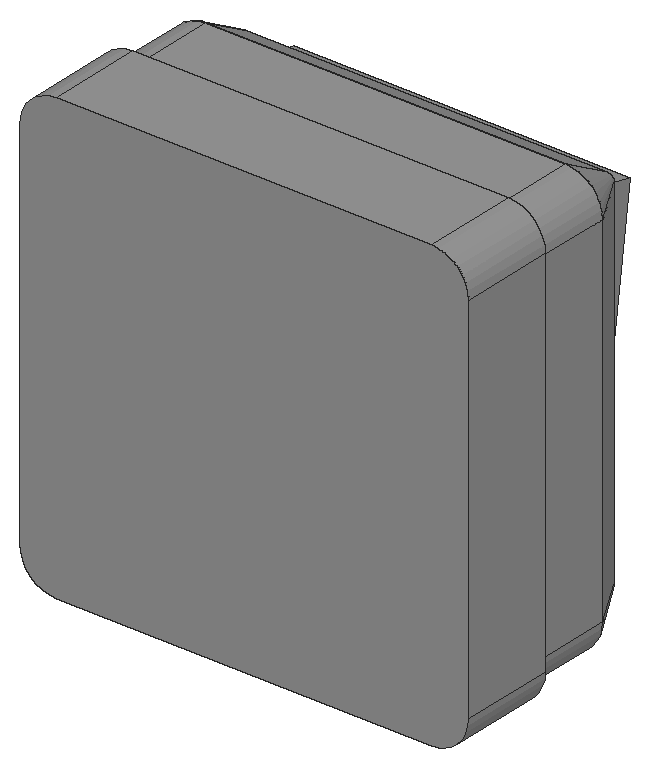
Revit family "IEK_Выключатель_ОткрытойУстановки_10А одноклавишный IP20_ОКТАВА", category Выключатели, Revit 2019
Family settings
  Сохранять ориентацию аннотаций = Да
  Размер круглого соединителя = Использовать диаметр
  Тип детали = Переключатель
  На основе рабочей плоскости = Нет
  Всегда вертикально = Да
  При загрузке вырезать с полостями = Нет
  Общий = Нет
  Точка расчета площади = Нет
Parameters (values of type "ВС20-1-0-ОБ")
  Ширина = 61 mm  # constant formula
  Тип монтажа = "Поверхность монтажа (открытая установка)"  # constant formula
  Степень защиты = "IP20"  # constant formula
  Изготовитель = "IEK"  # constant formula
  Дата изменения = ""
  Глубина = 37 mm  # constant formula
  Высота = 61 mm  # constant formula
  ΔХ [instance] = 2000 mm
  ΔY [instance] = 2000 mm
  KSI_CPr_Строительные изделия = "20.4.01"  # constant formula
  KSI_CMa_Строительные материалы = "01.7.14.03"  # constant formula
  IEK_Цена за единицу = 88.8
  IEK_Поиск в таблице имен = ""
  IEK_Описание = "Универсальный дизайн серии открытой установки \"ОКТАВА\" позволяет устанавливать изделия в квартирах, загородных домах, офисных и производственных помещениях."
  IEK_URL = "https://www.iek.ru/products/catalog/izdeliya_elektroustanovochnye_udliniteli_i_silovye_razemy/elektroustanovochnye_izdeliya/elektroustanovochnye_izdeliya_otkrytogo_montazha_ip20/elektroustanovochnye_izdeliya_oktava/elektroustanovochnye_izdeliya_oktava_tsvet_belyy/vyklyuchatel_1_klavishnyy_dlya_otkrytoy_ustanovki_vs20_1_0_ob_10a_oktava_belyy_iek"
  ADSK_Ток [instance] = 10 A  # constant formula
  ADSK_Примечание = ""
  ADSK_Полная мощность [instance] = ADSK_Номинальная мощность / ADSK_Коэффициент мощности  # 2200 VA
  ADSK_Позиция [instance] = ""
  ADSK_Номинальная мощность [instance] = ADSK_Ток * ADSK_Напряжение * sqrt(ADSK_Количество фаз числовое) * ADSK_Коэффициент мощности  # 2200 W
  ADSK_Напряжение = 220 V
  ADSK_Наименование = "Выключатель 1-клавишный для открытой установки ВС20-1-0-ОБ 10А ОКТАВА белый IEK"
  ADSK_Материал обозначение = ""
  ADSK_Материал наименование = "Пластик"  # constant formula
  ADSK_Материал = Цвет белый
  ADSK_Масса = 0.054  # constant formula
  ADSK_Марка = "ОКТАВА"  # constant formula
  ADSK_Коэффициент мощности [instance] = 1  # constant formula
  ADSK_Количество фаз числовое = 1
  ADSK_Количество фаз = 1
  ADSK_Код изделия = "EVO10-K01-10-DC"
  ADSK_Классификация нагрузок [instance] = Прочее
  ADSK_Завод-изготовитель = "IEK"  # constant formula
  ADSK_Единица измерения = "шт"  # constant formula
  ADSK_Группирование = "III ЭЛЕКТРОУСТАНОВОЧНЫЕ И ЭЛЕКТРОМОНТАЖНЫЕ ИЗДЕЛИЯ"  # constant formula
  ADSK_Версия семейства = "1.0"  # constant formula
  ADSK_Версия Revit = "2019"  # constant formula
  ADSK_URL страницы изделия = "https://www.iek.ru/products/catalog/izdeliya_elektroustanovochnye_udliniteli_i_silovye_razemy/elektroustanovochnye_izdeliya/elektroustanovochnye_izdeliya_otkrytogo_montazha_ip20/elektroustanovochnye_izdeliya_oktava/?pagec=10"
Types (3, lengths in mm): name | IEK_Цена за единицу | IEK_URL | ADSK_Наименование | ADSK_Материал | ADSK_Код изделия
  (no name) | 88.8 | "https://www.iek.ru/products/catalog/izdeliya_elektroustanovochnye_udliniteli_i_silovye_razemy/elektroustanovochnye_izdeliya/elektroustanovochnye_izdeliya_otkrytogo_montazha_ip20/elektroustanovochnye_izdeliya_oktava/elektroustanovochnye_izdeliya_oktava_tsvet_belyy/vyklyuchatel_1_klavishnyy_dlya_otkrytoy_ustanovki_vs20_1_0_ob_10a_oktava_belyy_iek" | "Выключатель 1-клавишный для открытой установки ВС20-1-0-ОБ 10А ОКТАВА белый IEK" | Цвет белый | "EVO10-K01-10-DC"
  ВС20-1-0-ОД | 161.86 | "https://www.iek.ru/products/catalog/izdeliya_elektroustanovochnye_udliniteli_i_silovye_razemy/elektroustanovochnye_izdeliya/elektroustanovochnye_izdeliya_otkrytogo_montazha_ip20/elektroustanovochnye_izdeliya_oktava/elektroustanovochnye_izdeliya_oktava_tsvet_dub/vyklyuchatel_1_klavishnyy_dlya_otkrytoy_ustanovki_vs20_1_0_od_10a_oktava_dub_iek" | "Выключатель 1-клавишный для открытой установки ВС20-1-0-ОД 10А ОКТАВА дуб IEK" | Цвет дуб | "EVO10-K04-10-DC"
  ВС20-1-0-ОБ | 88.8 | "https://www.iek.ru/products/catalog/izdeliya_elektroustanovochnye_udliniteli_i_silovye_razemy/elektroustanovochnye_izdeliya/elektroustanovochnye_izdeliya_otkrytogo_montazha_ip20/elektroustanovochnye_izdeliya_oktava/elektroustanovochnye_izdeliya_oktava_tsvet_belyy/vyklyuchatel_1_klavishnyy_dlya_otkrytoy_ustanovki_vs20_1_0_ob_10a_oktava_belyy_iek" | "Выключатель 1-клавишный для открытой установки ВС20-1-0-ОБ 10А ОКТАВА белый IEK" | Цвет белый | "EVO10-K01-10-DC"
Reference planes
  plane 1 "По центру (Вперед/Назад)": y = 0
  plane 2: z = 0
  plane 3 "По центру (Влево/Вправо)": x = 0
  plane 4 "Высота ножек": z = 280
  plane 5 "Высота": z = 2081.496
  plane 6: x = -2000
  plane 7: y = 2000
Forms (mm)
  Extrusion 1, solid, detail levels coarse
    sketch origin (0, 24, 0) x (1, 0, 0) y (0, 1, 0)
      loop
        line (-30.5, -24) -> (30.5, -24) -> (30.5, 13) -> (-30.5, 13) -> (-30.5, -24)
    from 0 to 61
  Extrusion 2, solid, detail levels medium
    sketch origin (0, 24, 0) x (1, 0, 0) y (0, 1, 0)
      loop
        line (-30.5, 13) -> (-30.5, -24) -> (30.5, -24) -> (30.5, 13) -> (-30.5, 13)
    from 0 to 61
  Extrusion 3, solid, material "Цвет белый" <- "ADSK_Материал", detail levels fine
    sketch origin (0, 0, 30.5) x (1, 0, 0) y (0, 0, -1)
      loop
        line (-30.5, 25.5) -> (-30.5, -25.5)
        arc (-30.5, -25.5) -> (-29.036, -29.036) -> (-25.5, -30.5) r 5
        line (-25.5, -30.5) -> (25.5, -30.5)
        arc (25.5, -30.5) -> (29.036, -29.036) -> (30.5, -25.5) r 5
        line (30.5, -25.5) -> (30.5, 25.5)
        arc (30.5, 25.5) -> (29.036, 29.036) -> (25.5, 30.5) r 5
        line (25.5, 30.5) -> (-25.5, 30.5)
        arc (-25.5, 30.5) -> (-29.036, 29.036) -> (-30.5, 25.5) r 5
    from 0 to 13
  Extrusion 4, solid, material "Цвет белый" <- "ADSK_Материал", detail levels fine
    sketch origin (0, 0, 30.5) x (1, 0, 0) y (0, 0, -1)
      loop
        line (-29.5, 24.462) -> (-29.5, -24.462)
        arc (-29.5, -24.462) -> (-28.024, -28.024) -> (-24.462, -29.5) r 5.038
        line (-24.462, -29.5) -> (24.505, -29.5)
        arc (24.505, -29.5) -> (28.037, -28.037) -> (29.5, -24.505) r 4.995
        line (29.5, -24.505) -> (29.5, 24.505)
        arc (29.5, 24.505) -> (28.037, 28.037) -> (24.505, 29.5) r 4.995
        line (24.505, 29.5) -> (-24.462, 29.5)
        arc (-24.462, 29.5) -> (-28.024, 28.024) -> (-29.5, 24.462) r 5.038
    from 13 to 24
  Blend 5, solid, material "Цвет белый" <- "ADSK_Материал", detail levels fine
    base sketch origin (0, 0, 30.5) x (1, 0, 0) y (0, 0, -1)
      loop
        line (-29.5, 24.462) -> (-29.5, -24.462)
        arc (-29.5, -24.462) -> (-28.024, -28.024) -> (-24.462, -29.5) r 5.038
        line (-24.462, -29.5) -> (24.505, -29.5)
        arc (24.505, -29.5) -> (28.037, -28.037) -> (29.5, -24.505) r 4.995
        line (29.5, -24.505) -> (29.5, 24.505)
        arc (29.5, 24.505) -> (28.037, 28.037) -> (24.505, 29.5) r 4.995
        line (24.505, 29.5) -> (-24.462, 29.5)
        arc (-24.462, 29.5) -> (-28.024, 28.024) -> (-29.5, 24.462) r 5.038
    top sketch origin (0, 0, 30.5) x (1, 0, 0) y (0, 0, -1)
      loop
        line (-25.459, 24.5) -> (-25.459, -24.5)
        arc (-25.459, -24.5) -> (-25.178, -25.178) -> (-24.5, -25.459) r 0.959
        line (-24.5, -25.459) -> (24.5, -25.459)
        arc (24.5, -25.459) -> (25.178, -25.178) -> (25.459, -24.5) r 0.959
        line (25.459, -24.5) -> (25.459, 24.5)
        arc (25.459, 24.5) -> (25.178, 25.178) -> (24.5, 25.459) r 0.959
        line (24.5, 25.459) -> (-24.5, 25.459)
        arc (-24.5, 25.459) -> (-25.178, 25.178) -> (-25.459, 24.5) r 0.959
    from 24 to 31
  Extrusion 6, void
    sketch origin (0, 0, 30.5) x (1, 0, 0) y (0, 0, -1)
      loop
        arc (-23.459, -21.459) -> (-22.873, -22.873) -> (-21.459, -23.459) r 2
        line (-21.459, -23.459) -> (21.459, -23.459)
        arc (21.459, -23.459) -> (22.873, -22.873) -> (23.459, -21.459) r 2
        line (23.459, -21.459) -> (23.459, 21.459)
        arc (23.459, 21.459) -> (22.873, 22.873) -> (21.459, 23.459) r 2
        line (21.459, 23.459) -> (-21.459, 23.459)
        arc (-21.459, 23.459) -> (-22.873, 22.873) -> (-23.459, 21.459) r 2
        line (-23.459, 21.459) -> (-23.459, -21.459)
    from 30.5 to 31
  Extrusion 7, solid, material "Цвет белый" <- "ADSK_Материал", detail levels fine
    sketch origin (0, 0, 30.5) x (0, 0, -1) y (0, 1, 0)
      loop
        line (-23, 30.5) -> (23, 30.5) -> (-21.529, 37) -> (-23, 30.5)
    from -22.8 to 22.8
Cuts and joins
  Extrusion 6 cuts Blend 5
Lines and regions (mm)
  reference lines
    curve 1: line (0, 44.647, 0) -> (0, -55.353, 0)
    curve 2: line (-23.829, 0, 0) -> (76.171, 0, 0)
Dimensions and locks
  locked: plane 4 "Высота ножек" to plane 2 at 280
  plane 5 "Высота" to plane 4 "Высота ножек" = 1801.496 mm
  "ΔХ": plane 6 to curve 1
  "ΔY": plane 7 to curve 2
  aligned and locked: level to plane 2
  aligned and locked: curve 2 to nested 1
  aligned and locked: nested 1 to curve 1
  aligned and locked: Blend 5 to Extrusion 4
Automatic sketch dimensions
  Extrusion 1 sketch curve to plane 1 "По центру (Вперед/Назад)" = 37 mm
  Extrusion 1 sketch curve to plane 3 "По центру (Влево/Вправо)" = 30.5 mm
  plane 3 "По центру (Влево/Вправо)" to Extrusion 1 sketch curve = 30.5 mm
  plane 1 "По центру (Вперед/Назад)" to Extrusion 1 sketch curve = 0 mm
  Extrusion 2 sketch curve to plane 3 "По центру (Влево/Вправо)" = 30.5 mm
  plane 3 "По центру (Влево/Вправо)" to Extrusion 2 sketch curve = 30.5 mm
  plane 1 "По центру (Вперед/Назад)" to Extrusion 2 sketch curve = 0 mm
  Extrusion 2 sketch curve to plane 1 "По центру (Вперед/Назад)" = 37 mm
  level to Extrusion 3 sketch curve = 5 mm  (x2)
  Extrusion 3 sketch curve to plane 3 "По центру (Влево/Вправо)" = 30.5 mm
  Extrusion 3 sketch curve to Extrusion 3 sketch curve = 5 mm  (x2)
  plane 3 "По центру (Влево/Вправо)" to Extrusion 3 sketch curve = 25.5 mm  (x2)
  level to Extrusion 3 sketch curve = 56 mm
  Extrusion 4 sketch curve to plane 3 "По центру (Влево/Вправо)" = 29.5 mm
  Extrusion 4 sketch curve to Extrusion 4 sketch curve = 5.038 mm  (x2)
  level to Extrusion 4 sketch curve = 1 mm
  plane 3 "По центру (Влево/Вправо)" to Extrusion 4 sketch curve = 24.505 mm  (x2)
  Extrusion 4 sketch curve to Extrusion 4 sketch curve = 4.995 mm
  level to Extrusion 4 sketch curve = 54.962 mm
  Extrusion 4 sketch curve to Extrusion 4 sketch curve = 0 mm  (x2)
  level to Blend 5 sketch curve = 6.038 mm
  Blend 5 sketch curve to plane 3 "По центру (Влево/Вправо)" = 29.5 mm
  Blend 5 sketch curve to Blend 5 sketch curve = 5.038 mm  (x2)
  plane 3 "По центру (Влево/Вправо)" to Blend 5 sketch curve = 24.505 mm  (x2)
  level to Blend 5 sketch curve = 5.995 mm
  level to Blend 5 sketch curve = 54.962 mm
  level to Blend 5 sketch curve = 6 mm  (x2)
  Blend 5 sketch curve to plane 3 "По центру (Влево/Вправо)" = 25.459 mm
  Blend 5 sketch curve to Blend 5 sketch curve = 0.959 mm  (x2)
  plane 3 "По центру (Влево/Вправо)" to Blend 5 sketch curve = 24.5 mm  (x2)
  level to Blend 5 sketch curve = 55 mm
  Extrusion 6 sketch curve to plane 3 "По центру (Влево/Вправо)" = 23.459 mm
  Extrusion 6 sketch curve to Extrusion 6 sketch curve = 2 mm  (x3)
  level to Extrusion 6 sketch curve = 7.041 mm
  plane 3 "По центру (Влево/Вправо)" to Extrusion 6 sketch curve = 21.459 mm  (x2)
  level to Extrusion 6 sketch curve = 51.959 mm
  Extrusion 7 sketch curve to plane 1 "По центру (Вперед/Назад)" = 30.5 mm
  level to Extrusion 7 sketch curve = 53.5 mm
  Extrusion 7 sketch curve to plane 1 "По центру (Вперед/Назад)" = 37 mm
  Extrusion 7 sketch curve to Extrusion 7 sketch curve = 1.471 mm
  level to Extrusion 7 sketch curve = 7.5 mm
  curve 2 to plane 3 "По центру (Влево/Вправо)" = 23.829 mm
  plane 3 "По центру (Влево/Вправо)" to curve 2 = 76.171 mm
  plane 1 "По центру (Вперед/Назад)" to curve 1 = 55.353 mm
  curve 1 to plane 1 "По центру (Вперед/Назад)" = 44.647 mm
Nested families
  nested 1: "УГО Выключателя" at (0, 0, 0), type "1K-O", detail levels coarse+medium
    with IP44 no
Connectors
  electrical at (0, 0, 30.5), driven by "ADSK_Количество фаз", driven by "ADSK_Классификация нагрузок", driven by "ADSK_Напряжение", driven by "ADSK_Полная мощность", driven by "ADSK_Коэффициент мощности"
    settings: on Extrusion 1, index 1, voltage 220 V, apparent load 0 VA, apparent load phase1 2200 VA, apparent load phase2 0 VA, apparent load phase3 0 VA, power factor 1, load classification "Прочее", number of poles 1, system type 31, power factor state 1, is connector primary yes, connector utility no, sub classification motor no, connector description ""
Definition of nested family "УГО Выключателя"
  Parameters (values of type "3K-O")
    IP44 [instance] = no
    3K-C = no
    2K-C = no
    1K-C = no
    3K-O = yes
    2K-O = no
    1K-O = no
  Types (6, lengths in mm): name | 3K-C | 2K-C | 1K-C | 3K-O | 2K-O | 1K-O
    2K-O | no | no | no | no | yes | no
    3K-O | no | no | no | yes | no | no
    2K-C | no | yes | no | no | no | no
    1K-O | no | no | no | no | no | yes
    1K-C | no | no | yes | no | no | no
    3K-C | yes | no | no | no | no | no
  Reference planes
    plane 1: y = 0
    plane 2: x = 0
  Lines and regions (mm)
    Filled region 1, type "Цветовая область 1", visible <- "IP44", not visible
      outline origin (0, 0, 0) x (1, 0, 0) y (0, 1, 0)
        loop
          circle (0, 2.214) r 0.994
    Filled region 2, type "Цветовая область 1", visible <- "IP44", not visible
      outline origin (-1.562, 0, 0) x (1, 0, 0) y (0, 1, 0)
        loop
          circle (11.009, 9.276) r 0.994
    Filled region 3, type "Цветовая область 1", visible <- "IP44", not visible
      outline origin (-1.562, 0, 0) x (1, 0, 0) y (0, 1, 0)
        loop
          circle (23.521, 9.279) r 0.994
    Filled region 4, type "Цветовая область 1", visible <- "IP44", not visible
      outline origin (0, 0, 0) x (1, 0, 0) y (0, 1, 0)
        loop
          circle (28.604, 9.279) r 0.994
    Filled region 5, type "Цветовая область 1", visible <- "IP44", not visible
      outline origin (0, 0, 0) x (1, 0, 0) y (0, 1, 0)
        loop
          circle (32.789, 9.279) r 0.994
    Filled region 6, type "Цветовая область 1", visible <- "IP44"
      outline origin (0, 0, 0) x (1, 0, 0) y (0, 1, 0)
        loop
          circle (0.006, 0.994) r 0.994
    Filled region 7, type "Цветовая область 1", visible <- "IP44"
      outline origin (0, 0, 0) x (1, 0, 0) y (0, 1, 0)
        loop
          circle (0.006, 0.994) r 0.994
    Filled region 8, type "Цветовая область 1", visible <- "IP44"
      outline origin (-1.562, 0, 0) x (1, 0, 0) y (0, 1, 0)
        loop
          circle (1.569, 0.994) r 0.994
    Filled region 9, type "Цветовая область 1", visible <- "IP44"
      outline origin (0, 0, 0) x (1, 0, 0) y (0, 1, 0)
        loop
          circle (0.006, 0.994) r 0.994
    Filled region 10, type "Цветовая область 1", visible <- "IP44", not visible
      outline origin (0, 0, 0) x (1, 0, 0) y (0, 1, 0)
        loop
          circle (15.057, 15.33) r 0.994
    Filled region 11, type "Цветовая область 1", visible <- "IP44"
      outline origin (-1.562, 0, 0) x (1, 0, 0) y (0, 1, 0)
        loop
          circle (1.569, 0.994) r 0.994
    Filled region 12, type "Цветовая область 1", visible <- "IP44"
      outline origin (0, 0, 0) x (1, 0, 0) y (0, 1, 0)
        loop
          circle (0.006, 0.994) r 0.994
    detail lines, visible <- "3K-O", not visible
      curve 1: line (0.86, 2.711, 0) -> (3.031, 3.964, 0)
      curve 2: line (0.639, 2.975, 0) -> (2.25, 4.895, 0)
      curve 3: line (0.323, 3.154, 0) -> (1.139, 5.524, 0)
      curve 4: circle (0, 2.214, 0) r 0.994 normal (0, 0, 1)
      curve 5: line (3.031, 3.964, 0) -> (3.431, 3.272, 0)
      curve 6: line (2.25, 4.895, 0) -> (2.863, 4.381, 0)
      curve 7: line (1.139, 5.524, 0) -> (1.896, 5.263, 0)
    detail lines, visible <- "2K-O", not visible
      curve 8: line (10.196, 9.928, 0) -> (12.088, 11.572, 0)
      curve 9: line (9.928, 10.145, 0) -> (11.143, 12.337, 0)
      curve 10: circle (9.446, 9.276, 0) r 0.994 normal (0, 0, 1)
      curve 11: line (12.088, 11.572, 0) -> (12.613, 10.968, 0)
      curve 12: line (11.143, 12.337, 0) -> (11.843, 11.949, 0)
    detail lines, visible <- "1K-O", not visible
      curve 13: line (15.627, 16.144, 0) -> (17.201, 18.393, 0)
      curve 14: circle (15.057, 15.33, 0) r 0.994 normal (0, 0, 1)
      curve 15: line (17.201, 18.393, 0) -> (17.857, 17.934, 0)
    detail lines, visible <- "3K-C", not visible
      curve 16: line (22.819, 9.775, 0) -> (24.99, 11.029, 0)
      curve 17: line (22.597, 10.04, 0) -> (24.208, 11.96, 0)
      curve 18: line (22.282, 10.218, 0) -> (23.098, 12.588, 0)
      curve 19: circle (21.958, 9.279, 0) r 0.994 normal (0, 0, 1)
      curve 20: line (24.765, 11.418, 0) -> (25.215, 10.639, 0)
      curve 21: line (23.863, 12.249, 0) -> (24.553, 11.67, 0)
      curve 22: line (22.672, 12.734, 0) -> (23.523, 12.441, 0)
    detail lines, visible <- "2K-C", not visible
      curve 23: line (29.354, 9.93, 0) -> (31.246, 11.575, 0)
      curve 24: line (29.086, 10.148, 0) -> (30.301, 12.34, 0)
      curve 25: circle (28.604, 9.279, 0) r 0.994 normal (0, 0, 1)
      curve 26: line (30.951, 11.914, 0) -> (31.541, 11.235, 0)
      curve 27: line (29.908, 12.558, 0) -> (30.695, 12.122, 0)
    detail lines, visible <- "1K-C", not visible
      curve 28: line (33.359, 10.092, 0) -> (34.797, 12.146, 0)
      curve 29: circle (32.789, 9.279, 0) r 0.994 normal (0, 0, 1)
      curve 30: line (34.428, 12.404, 0) -> (35.165, 11.887, 0)
    detail lines
      curve 31: line (0.006, 0, 0) -> (0.006, 2.454, 0)
      curve 32: line (0.006, 0, 0) -> (2.217, 0, 0)
    detail lines, visible <- "1K-C"
      curve 33: line (0.576, 1.808, 0) -> (2.014, 3.861, 0)
      curve 34: circle (0.006, 0.994, 0) r 0.994 normal (0, 0, 1)
      curve 35: line (1.645, 4.119, 0) -> (2.383, 3.603, 0)
    detail lines, visible <- "2K-C"
      curve 36: line (0.756, 1.645, 0) -> (2.648, 3.29, 0)
      curve 37: line (0.488, 1.863, 0) -> (1.703, 4.055, 0)
      curve 38: circle (0.006, 0.994, 0) r 0.994 normal (0, 0, 1)
      curve 39: line (2.353, 3.629, 0) -> (2.943, 2.95, 0)
      curve 40: line (1.31, 4.273, 0) -> (2.097, 3.837, 0)
    detail lines, visible <- "3K-C"
      curve 41: line (0.867, 1.49, 0) -> (3.037, 2.744, 0)
      curve 42: line (0.645, 1.755, 0) -> (2.256, 3.675, 0)
      curve 43: line (0.33, 1.933, 0) -> (1.146, 4.303, 0)
      curve 44: circle (0.006, 0.994, 0) r 0.994 normal (0, 0, 1)
      curve 45: line (2.812, 3.133, 0) -> (3.262, 2.354, 0)
      curve 46: line (1.911, 3.964, 0) -> (2.601, 3.386, 0)
      curve 47: line (0.72, 4.449, 0) -> (1.571, 4.156, 0)
    detail lines, visible <- "1K-O"
      curve 48: line (0.576, 1.808, 0) -> (2.151, 4.056, 0)
      curve 49: circle (0.006, 0.994, 0) r 0.994 normal (0, 0, 1)
      curve 50: line (2.151, 4.056, 0) -> (2.806, 3.597, 0)
    detail lines, visible <- "2K-O"
      curve 51: line (0.756, 1.645, 0) -> (2.648, 3.29, 0)
      curve 52: line (0.488, 1.863, 0) -> (1.703, 4.055, 0)
      curve 53: circle (0.006, 0.994, 0) r 0.994 normal (0, 0, 1)
      curve 54: line (2.648, 3.29, 0) -> (3.173, 2.686, 0)
      curve 55: line (1.703, 4.055, 0) -> (2.403, 3.667, 0)
    detail lines, visible <- "3K-O"
      curve 56: line (0.867, 1.49, 0) -> (3.037, 2.744, 0)
      curve 57: line (0.645, 1.755, 0) -> (2.256, 3.675, 0)
      curve 58: line (0.33, 1.933, 0) -> (1.146, 4.303, 0)
      curve 59: circle (0.006, 0.994, 0) r 0.994 normal (0, 0, 1)
      curve 60: line (3.037, 2.744, 0) -> (3.437, 2.051, 0)
      curve 61: line (2.256, 3.675, 0) -> (2.869, 3.161, 0)
      curve 62: line (1.146, 4.303, 0) -> (1.902, 4.042, 0)
